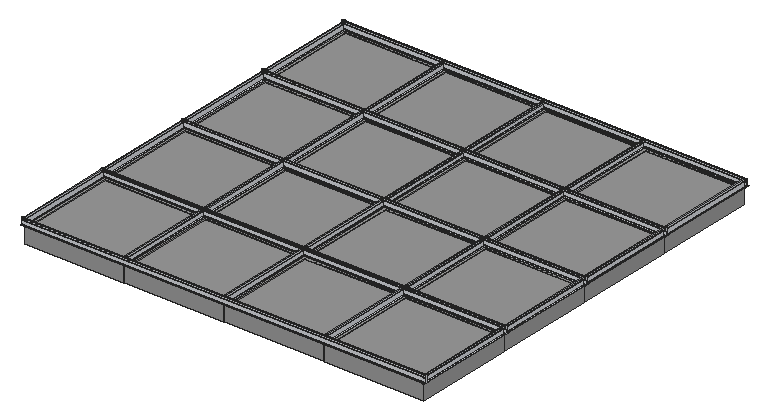
Revit family "GRD-FPG-012_RFA", category Modelos genéricos, Revit 2022
Family settings
  Puede alojar armadura = No
  Cota de conector redondo = Diámetro de uso
  Tipo de pieza = Normal
  Se basa en plano de trabajo = No
  Siempre vertical = Sí
  Corte con vacíos al cargar = No
  Mantener orientación de anotación = No
  Compartido = No
  Punto de cálculo de habitación = No
Parameters
  Elevación por defecto = 0.00"
Reference planes (in)
  plane 1 "Centro (Frontal/Posterior)": y = 0
  plane 2: z = 0
  plane 3 "Centro (Izquierda/Derecha)": x = 0
Forms (in)
  Extrusion 1, solid, not visible
    sketch origin (0, 0, 0) x (1, 0, 0) y (0, 1, 0)
      loop
        line (0, 2.25) -> (0, 0) -> (108, 0) -> (108, 2.25) -> (0, 2.25)
    from 0 to 8
  Extrusion 2, solid, not visible
    sketch origin (0, 0, 0) x (1, 0, 0) y (0, 1, 0)
      loop
        line (0, 2.25) -> (0, 0) -> (108, 0) -> (108, 2.25) -> (0, 2.25)
    from 0 to 8
  Extrusion 3, solid, not visible
    sketch origin (0, 8, 0) x (1, 0, 0) y (0, 1, 0)
      loop
        line (0, 2.25) -> (0, 0) -> (108, 0) -> (108, 2.25) -> (0, 2.25)
    from 0 to 8
  Extrusion 4, solid, not visible
    sketch origin (0, 16, 0) x (1, 0, 0) y (0, 1, 0)
      loop
        line (0, 2.25) -> (0, 0) -> (108, 0) -> (108, 2.25) -> (0, 2.25)
    from 0 to 8
  Extrusion 5, solid, not visible
    sketch origin (0, 24, 0) x (1, 0, 0) y (0, 1, 0)
      loop
        line (0, 2.25) -> (0, 0) -> (108, 0) -> (108, 2.25) -> (0, 2.25)
    from 0 to 8
  Extrusion 6, solid, not visible
    sketch origin (0, 32, 0) x (1, 0, 0) y (0, 1, 0)
      loop
        line (0, 2.25) -> (0, 0) -> (108, 0) -> (108, 2.25) -> (0, 2.25)
    from 0 to 8
  Extrusion 7, solid, not visible
    sketch origin (0, 40, 0) x (1, 0, 0) y (0, 1, 0)
      loop
        line (0, 2.25) -> (0, 0) -> (108, 0) -> (108, 2.25) -> (0, 2.25)
    from 0 to 8
  Extrusion 8, solid, not visible
    sketch origin (0, 48, 0) x (1, 0, 0) y (0, 1, 0)
      loop
        line (0, 2.25) -> (0, 0) -> (108, 0) -> (108, 2.25) -> (0, 2.25)
    from 0 to 8
  Extrusion 9, solid, not visible
    sketch origin (0, 56, 0) x (1, 0, 0) y (0, 1, 0)
      loop
        line (0, 2.25) -> (0, 0) -> (108, 0) -> (108, 2.25) -> (0, 2.25)
    from 0 to 8
  Extrusion 10, solid, not visible
    sketch origin (0, 64, 0) x (1, 0, 0) y (0, 1, 0)
      loop
        line (0, 2.25) -> (0, 0) -> (108, 0) -> (108, 2.25) -> (0, 2.25)
    from 0 to 8
  Extrusion 11, solid, not visible
    sketch origin (0, 72, 0) x (1, 0, 0) y (0, 1, 0)
      loop
        line (0, 2.25) -> (0, 0) -> (108, 0) -> (108, 2.25) -> (0, 2.25)
    from 0 to 8
  Extrusion 12, solid, not visible
    sketch origin (0, 80, 0) x (1, 0, 0) y (0, 1, 0)
      loop
        line (0, 2.25) -> (0, 0) -> (108, 0) -> (108, 2.25) -> (0, 2.25)
    from 0 to 8
  Extrusion 13, solid, not visible
    sketch origin (0, 88, 0) x (1, 0, 0) y (0, 1, 0)
      loop
        line (0, 2.25) -> (0, 0) -> (108, 0) -> (108, 2.25) -> (0, 2.25)
    from 0 to 8
  Extrusion 14, solid, not visible
    sketch origin (0, 96, 0) x (1, 0, 0) y (0, 1, 0)
      loop
        line (0, 2.25) -> (0, 0) -> (108, 0) -> (108, 2.25) -> (0, 2.25)
    from 0 to 8
  Extrusion 15, solid, not visible
    sketch origin (0, 104, 0) x (1, 0, 0) y (0, 1, 0)
      loop
        line (0, 2.25) -> (0, 0) -> (108, 0) -> (108, 2.25) -> (0, 2.25)
    from 0 to 8
  Extrusion 16, solid, not visible
    sketch origin (0, 112, 0) x (1, 0, 0) y (0, 1, 0)
      loop
        line (0, 2.25) -> (0, 0) -> (108, 0) -> (108, 2.25) -> (0, 2.25)
    from 0 to 8
  Extrusion 17, solid, not visible
    sketch origin (0, 120, 0) x (1, 0, 0) y (0, 1, 0)
      loop
        line (0, 2.25) -> (0, 0) -> (108, 0) -> (108, 2.25) -> (0, 2.25)
    from 0 to 8
  Extrusion 18, solid, not visible
    sketch origin (0, 128, 0) x (1, 0, 0) y (0, 1, 0)
      loop
        line (0, 2.25) -> (0, 0) -> (108, 0) -> (108, 2.25) -> (0, 2.25)
    from 0 to 8
  Extrusion 19, solid, not visible
    sketch origin (0, 136, 0) x (1, 0, 0) y (0, 1, 0)
      loop
        line (0, 2.25) -> (0, 0) -> (108, 0) -> (108, 2.25) -> (0, 2.25)
    from 0 to 8
  Extrusion 20, solid, not visible
    sketch origin (0, 144, 0) x (1, 0, 0) y (0, 1, 0)
      loop
        line (0, 2.25) -> (0, 0) -> (108, 0) -> (108, 2.25) -> (0, 2.25)
    from 0 to 8
  Extrusion 21, solid, not visible
    sketch origin (0, 152, 0) x (1, 0, 0) y (0, 1, 0)
      loop
        line (0, 2.25) -> (0, 0) -> (108, 0) -> (108, 2.25) -> (0, 2.25)
    from 0 to 8
  Extrusion 22, solid, not visible
    sketch origin (109, 0, 0) x (1, 0, 0) y (0, 1, 0)
      loop
        line (0, 2.25) -> (0, 0) -> (108, 0) -> (108, 2.25) -> (0, 2.25)
    from 0 to 8
  Extrusion 23, solid, not visible
    sketch origin (109, 8, 0) x (1, 0, 0) y (0, 1, 0)
      loop
        line (0, 2.25) -> (0, 0) -> (108, 0) -> (108, 2.25) -> (0, 2.25)
    from 0 to 8
  Extrusion 24, solid, not visible
    sketch origin (109, 16, 0) x (1, 0, 0) y (0, 1, 0)
      loop
        line (0, 2.25) -> (0, 0) -> (108, 0) -> (108, 2.25) -> (0, 2.25)
    from 0 to 8
  Extrusion 25, solid, not visible
    sketch origin (109, 24, 0) x (1, 0, 0) y (0, 1, 0)
      loop
        line (0, 2.25) -> (0, 0) -> (108, 0) -> (108, 2.25) -> (0, 2.25)
    from 0 to 8
  Extrusion 26, solid, not visible
    sketch origin (109, 32, 0) x (1, 0, 0) y (0, 1, 0)
      loop
        line (0, 2.25) -> (0, 0) -> (108, 0) -> (108, 2.25) -> (0, 2.25)
    from 0 to 8
  Extrusion 27, solid, not visible
    sketch origin (109, 40, 0) x (1, 0, 0) y (0, 1, 0)
      loop
        line (0, 2.25) -> (0, 0) -> (108, 0) -> (108, 2.25) -> (0, 2.25)
    from 0 to 8
  Extrusion 28, solid, not visible
    sketch origin (109, 48, 0) x (1, 0, 0) y (0, 1, 0)
      loop
        line (0, 2.25) -> (0, 0) -> (108, 0) -> (108, 2.25) -> (0, 2.25)
    from 0 to 8
  Extrusion 29, solid, not visible
    sketch origin (109, 56, 0) x (1, 0, 0) y (0, 1, 0)
      loop
        line (0, 2.25) -> (0, 0) -> (108, 0) -> (108, 2.25) -> (0, 2.25)
    from 0 to 8
  Extrusion 30, solid, not visible
    sketch origin (109, 64, 0) x (1, 0, 0) y (0, 1, 0)
      loop
        line (0, 2.25) -> (0, 0) -> (108, 0) -> (108, 2.25) -> (0, 2.25)
    from 0 to 8
  Extrusion 31, solid, not visible
    sketch origin (109, 72, 0) x (1, 0, 0) y (0, 1, 0)
      loop
        line (0, 2.25) -> (0, 0) -> (108, 0) -> (108, 2.25) -> (0, 2.25)
    from 0 to 8
  Extrusion 32, solid, not visible
    sketch origin (109, 80, 0) x (1, 0, 0) y (0, 1, 0)
      loop
        line (0, 2.25) -> (0, 0) -> (108, 0) -> (108, 2.25) -> (0, 2.25)
    from 0 to 8
  Extrusion 33, solid, not visible
    sketch origin (109, 88, 0) x (1, 0, 0) y (0, 1, 0)
      loop
        line (0, 2.25) -> (0, 0) -> (108, 0) -> (108, 2.25) -> (0, 2.25)
    from 0 to 8
  Extrusion 34, solid, not visible
    sketch origin (109, 96, 0) x (1, 0, 0) y (0, 1, 0)
      loop
        line (0, 2.25) -> (0, 0) -> (108, 0) -> (108, 2.25) -> (0, 2.25)
    from 0 to 8
  Extrusion 35, solid, not visible
    sketch origin (109, 104, 0) x (1, 0, 0) y (0, 1, 0)
      loop
        line (0, 2.25) -> (0, 0) -> (108, 0) -> (108, 2.25) -> (0, 2.25)
    from 0 to 8
  Extrusion 36, solid, not visible
    sketch origin (109, 112, 0) x (1, 0, 0) y (0, 1, 0)
      loop
        line (0, 2.25) -> (0, 0) -> (108, 0) -> (108, 2.25) -> (0, 2.25)
    from 0 to 8
  Extrusion 37, solid, not visible
    sketch origin (109, 120, 0) x (1, 0, 0) y (0, 1, 0)
      loop
        line (0, 2.25) -> (0, 0) -> (108, 0) -> (108, 2.25) -> (0, 2.25)
    from 0 to 8
  Extrusion 38, solid, not visible
    sketch origin (109, 128, 0) x (1, 0, 0) y (0, 1, 0)
      loop
        line (0, 2.25) -> (0, 0) -> (108, 0) -> (108, 2.25) -> (0, 2.25)
    from 0 to 8
  Extrusion 39, solid, not visible
    sketch origin (109, 136, 0) x (1, 0, 0) y (0, 1, 0)
      loop
        line (0, 2.25) -> (0, 0) -> (108, 0) -> (108, 2.25) -> (0, 2.25)
    from 0 to 8
  Extrusion 40, solid, not visible
    sketch origin (109, 144, 0) x (1, 0, 0) y (0, 1, 0)
      loop
        line (0, 2.25) -> (0, 0) -> (108, 0) -> (108, 2.25) -> (0, 2.25)
    from 0 to 8
  Extrusion 41, solid, not visible
    sketch origin (109, 152, 0) x (1, 0, 0) y (0, 1, 0)
      loop
        line (0, 2.25) -> (0, 0) -> (108, 0) -> (108, 2.25) -> (0, 2.25)
    from 0 to 8
  Extrusion 42, solid, not visible
    sketch origin (-108, 0, 0) x (1, 0, 0) y (0, 1, 0)
      loop
        line (0, 2.25) -> (0, 0) -> (108, 0) -> (108, 2.25) -> (0, 2.25)
    from 0 to 8
  Extrusion 43, solid, not visible
    sketch origin (-108, 8, 0) x (1, 0, 0) y (0, 1, 0)
      loop
        line (0, 2.25) -> (0, 0) -> (108, 0) -> (108, 2.25) -> (0, 2.25)
    from 0 to 8
  Extrusion 44, solid, not visible
    sketch origin (-108, 16, 0) x (1, 0, 0) y (0, 1, 0)
      loop
        line (0, 2.25) -> (0, 0) -> (108, 0) -> (108, 2.25) -> (0, 2.25)
    from 0 to 8
  Extrusion 45, solid, not visible
    sketch origin (-108, 24, 0) x (1, 0, 0) y (0, 1, 0)
      loop
        line (0, 2.25) -> (0, 0) -> (108, 0) -> (108, 2.25) -> (0, 2.25)
    from 0 to 8
  Extrusion 46, solid, not visible
    sketch origin (-108, 32, 0) x (1, 0, 0) y (0, 1, 0)
      loop
        line (0, 2.25) -> (0, 0) -> (108, 0) -> (108, 2.25) -> (0, 2.25)
    from 0 to 8
  Extrusion 47, solid, not visible
    sketch origin (-108, 40, 0) x (1, 0, 0) y (0, 1, 0)
      loop
        line (0, 2.25) -> (0, 0) -> (108, 0) -> (108, 2.25) -> (0, 2.25)
    from 0 to 8
  Extrusion 48, solid, not visible
    sketch origin (1, 0, 0) x (1, 0, 0) y (0, 1, 0)
      loop
        line (0, 2.25) -> (0, 0) -> (108, 0) -> (108, 2.25) -> (0, 2.25)
    from 0 to 8
  Extrusion 49, solid, not visible
    sketch origin (1, 8, 0) x (1, 0, 0) y (0, 1, 0)
      loop
        line (0, 2.25) -> (0, 0) -> (108, 0) -> (108, 2.25) -> (0, 2.25)
    from 0 to 8
  Extrusion 50, solid, not visible
    sketch origin (1, 16, 0) x (1, 0, 0) y (0, 1, 0)
      loop
        line (0, 2.25) -> (0, 0) -> (108, 0) -> (108, 2.25) -> (0, 2.25)
    from 0 to 8
  Extrusion 51, solid, not visible
    sketch origin (1, 24, 0) x (1, 0, 0) y (0, 1, 0)
      loop
        line (0, 2.25) -> (0, 0) -> (108, 0) -> (108, 2.25) -> (0, 2.25)
    from 0 to 8
  Extrusion 52, solid, not visible
    sketch origin (1, 32, 0) x (1, 0, 0) y (0, 1, 0)
      loop
        line (0, 2.25) -> (0, 0) -> (108, 0) -> (108, 2.25) -> (0, 2.25)
    from 0 to 8
  Extrusion 53, solid, not visible
    sketch origin (1, 40, 0) x (1, 0, 0) y (0, 1, 0)
      loop
        line (0, 2.25) -> (0, 0) -> (108, 0) -> (108, 2.25) -> (0, 2.25)
    from 0 to 8
  Extrusion 54, solid, not visible
    sketch origin (-108, 48, 0) x (1, 0, 0) y (0, 1, 0)
      loop
        line (0, 2.25) -> (0, 0) -> (108, 0) -> (108, 2.25) -> (0, 2.25)
    from 0 to 8
  Extrusion 55, solid, not visible
    sketch origin (-108, 56, 0) x (1, 0, 0) y (0, 1, 0)
      loop
        line (0, 2.25) -> (0, 0) -> (108, 0) -> (108, 2.25) -> (0, 2.25)
    from 0 to 8
  Extrusion 56, solid, not visible
    sketch origin (-108, 64, 0) x (1, 0, 0) y (0, 1, 0)
      loop
        line (0, 2.25) -> (0, 0) -> (108, 0) -> (108, 2.25) -> (0, 2.25)
    from 0 to 8
  Extrusion 57, solid, not visible
    sketch origin (-108, 72, 0) x (1, 0, 0) y (0, 1, 0)
      loop
        line (0, 2.25) -> (0, 0) -> (108, 0) -> (108, 2.25) -> (0, 2.25)
    from 0 to 8
  Extrusion 58, solid, not visible
    sketch origin (-108, 80, 0) x (1, 0, 0) y (0, 1, 0)
      loop
        line (0, 2.25) -> (0, 0) -> (108, 0) -> (108, 2.25) -> (0, 2.25)
    from 0 to 8
  Extrusion 59, solid, not visible
    sketch origin (1, 48, 0) x (1, 0, 0) y (0, 1, 0)
      loop
        line (0, 2.25) -> (0, 0) -> (108, 0) -> (108, 2.25) -> (0, 2.25)
    from 0 to 8
  Extrusion 60, solid, not visible
    sketch origin (1, 56, 0) x (1, 0, 0) y (0, 1, 0)
      loop
        line (0, 2.25) -> (0, 0) -> (108, 0) -> (108, 2.25) -> (0, 2.25)
    from 0 to 8
  Extrusion 61, solid, not visible
    sketch origin (1, 64, 0) x (1, 0, 0) y (0, 1, 0)
      loop
        line (0, 2.25) -> (0, 0) -> (108, 0) -> (108, 2.25) -> (0, 2.25)
    from 0 to 8
  Extrusion 62, solid, not visible
    sketch origin (1, 72, 0) x (1, 0, 0) y (0, 1, 0)
      loop
        line (0, 2.25) -> (0, 0) -> (108, 0) -> (108, 2.25) -> (0, 2.25)
    from 0 to 8
  Extrusion 63, solid, not visible
    sketch origin (1, 80, 0) x (1, 0, 0) y (0, 1, 0)
      loop
        line (0, 2.25) -> (0, 0) -> (108, 0) -> (108, 2.25) -> (0, 2.25)
    from 0 to 8
  Extrusion 64, solid, not visible
    sketch origin (-108, 88, 0) x (1, 0, 0) y (0, 1, 0)
      loop
        line (0, 2.25) -> (0, 0) -> (108, 0) -> (108, 2.25) -> (0, 2.25)
    from 0 to 8
  Extrusion 65, solid, not visible
    sketch origin (-108, 96, 0) x (1, 0, 0) y (0, 1, 0)
      loop
        line (0, 2.25) -> (0, 0) -> (108, 0) -> (108, 2.25) -> (0, 2.25)
    from 0 to 8
  Extrusion 66, solid, not visible
    sketch origin (-108, 104, 0) x (1, 0, 0) y (0, 1, 0)
      loop
        line (0, 2.25) -> (0, 0) -> (108, 0) -> (108, 2.25) -> (0, 2.25)
    from 0 to 8
  Extrusion 67, solid, not visible
    sketch origin (-108, 112, 0) x (1, 0, 0) y (0, 1, 0)
      loop
        line (0, 2.25) -> (0, 0) -> (108, 0) -> (108, 2.25) -> (0, 2.25)
    from 0 to 8
  Extrusion 68, solid, not visible
    sketch origin (-108, 120, 0) x (1, 0, 0) y (0, 1, 0)
      loop
        line (0, 2.25) -> (0, 0) -> (108, 0) -> (108, 2.25) -> (0, 2.25)
    from 0 to 8
  Extrusion 69, solid, not visible
    sketch origin (1, 88, 0) x (1, 0, 0) y (0, 1, 0)
      loop
        line (0, 2.25) -> (0, 0) -> (108, 0) -> (108, 2.25) -> (0, 2.25)
    from 0 to 8
  Extrusion 70, solid, not visible
    sketch origin (1, 96, 0) x (1, 0, 0) y (0, 1, 0)
      loop
        line (0, 2.25) -> (0, 0) -> (108, 0) -> (108, 2.25) -> (0, 2.25)
    from 0 to 8
  Extrusion 71, solid, not visible
    sketch origin (1, 104, 0) x (1, 0, 0) y (0, 1, 0)
      loop
        line (0, 2.25) -> (0, 0) -> (108, 0) -> (108, 2.25) -> (0, 2.25)
    from 0 to 8
  Extrusion 72, solid, not visible
    sketch origin (1, 112, 0) x (1, 0, 0) y (0, 1, 0)
      loop
        line (0, 2.25) -> (0, 0) -> (108, 0) -> (108, 2.25) -> (0, 2.25)
    from 0 to 8
  Extrusion 73, solid, not visible
    sketch origin (1, 120, 0) x (1, 0, 0) y (0, 1, 0)
      loop
        line (0, 2.25) -> (0, 0) -> (108, 0) -> (108, 2.25) -> (0, 2.25)
    from 0 to 8
  Extrusion 74, solid, not visible
    sketch origin (-108, 128, 0) x (1, 0, 0) y (0, 1, 0)
      loop
        line (0, 2.25) -> (0, 0) -> (108, 0) -> (108, 2.25) -> (0, 2.25)
    from 0 to 8
  Extrusion 75, solid, not visible
    sketch origin (-108, 136, 0) x (1, 0, 0) y (0, 1, 0)
      loop
        line (0, 2.25) -> (0, 0) -> (108, 0) -> (108, 2.25) -> (0, 2.25)
    from 0 to 8
  Extrusion 76, solid, not visible
    sketch origin (-108, 144, 0) x (1, 0, 0) y (0, 1, 0)
      loop
        line (0, 2.25) -> (0, 0) -> (108, 0) -> (108, 2.25) -> (0, 2.25)
    from 0 to 8
  Extrusion 77, solid, not visible
    sketch origin (-108, 152, 0) x (1, 0, 0) y (0, 1, 0)
      loop
        line (0, 2.25) -> (0, 0) -> (108, 0) -> (108, 2.25) -> (0, 2.25)
    from 0 to 8
  Extrusion 78, solid, not visible
    sketch origin (-108, 160, 0) x (1, 0, 0) y (0, 1, 0)
      loop
        line (0, 2.25) -> (0, 0) -> (108, 0) -> (108, 2.25) -> (0, 2.25)
    from 0 to 8
  Extrusion 79, solid, not visible
    sketch origin (1, 128, 0) x (1, 0, 0) y (0, 1, 0)
      loop
        line (0, 2.25) -> (0, 0) -> (108, 0) -> (108, 2.25) -> (0, 2.25)
    from 0 to 8
  Extrusion 80, solid, not visible
    sketch origin (1, 136, 0) x (1, 0, 0) y (0, 1, 0)
      loop
        line (0, 2.25) -> (0, 0) -> (108, 0) -> (108, 2.25) -> (0, 2.25)
    from 0 to 8
  Extrusion 81, solid, not visible
    sketch origin (1, 144, 0) x (1, 0, 0) y (0, 1, 0)
      loop
        line (0, 2.25) -> (0, 0) -> (108, 0) -> (108, 2.25) -> (0, 2.25)
    from 0 to 8
  Extrusion 82, solid, not visible
    sketch origin (1, 152, 0) x (1, 0, 0) y (0, 1, 0)
      loop
        line (0, 2.25) -> (0, 0) -> (108, 0) -> (108, 2.25) -> (0, 2.25)
    from 0 to 8
  Extrusion 83, solid, not visible
    sketch origin (1, 160, 0) x (1, 0, 0) y (0, 1, 0)
      loop
        line (0, 2.25) -> (0, 0) -> (108, 0) -> (108, 2.25) -> (0, 2.25)
    from 0 to 8
  Extrusion 84, solid, not visible
    sketch origin (0, 0, 0) x (1, 0, 0) y (0, 1, 0)
      loop
        line (0, 3) -> (0, 0) -> (108, 0) -> (108, 3) -> (0, 3)
    from 0 to 8
  Extrusion 85, void, not visible
    sketch origin (0, 0, 0) x (1, 0, 0) y (0, 1, 0)
      loop
        line (6, 2) -> (6, 1) -> (66, 1) -> (66, 2) -> (6, 2)
    from 0 to 1.03
  Extrusion 86, solid, not visible
    sketch origin (0, 0, 0) x (1, 0, 0) y (0, 1, 0)
      loop
        line (0, 3) -> (0, 0) -> (108, 0) -> (108, 3) -> (0, 3)
    from 0 to 8
  Extrusion 87, void, not visible
    sketch origin (0, 0, 0) x (1, 0, 0) y (0, 1, 0)
      loop
        line (6, 2) -> (6, 1) -> (66, 1) -> (66, 2) -> (6, 2)
    from 0 to 1.03
  Extrusion 88, solid, not visible
    sketch origin (0, 0, 0) x (1, 0, 0) y (0, 1, 0)
      loop
        line (6, 2) -> (6, 1) -> (66, 1) -> (66, 2) -> (6, 2)
    from 0 to 1.03
  Extrusion 89, solid, not visible
    sketch origin (0, 32, 0) x (1, 0, 0) y (0, 1, 0)
      loop
        line (0, 3) -> (0, 0) -> (108, 0) -> (108, 3) -> (0, 3)
    from 0 to 8
  Extrusion 90, void, not visible
    sketch origin (0, 32, 0) x (1, 0, 0) y (0, 1, 0)
      loop
        line (6, 2) -> (6, 1) -> (102, 1) -> (102, 2) -> (6, 2)
    from 0 to 1.03
  Extrusion 91, solid, not visible
    sketch origin (8.95842, -18.67436, 0) x (1, 0, 0) y (0, 1, 0)
      loop
        line (-8.48642, 97.64679) -> (-8.48642, 97.17436) -> (98.56914, 97.17436) -> (98.56914, 97.64679) -> (-8.48642, 97.64679)
    from 0.59055 to 8
  Extrusion 92, solid, not visible
    sketch origin (8.95842, -16.6468, 0) x (1, 0, 0) y (0, 1, 0)
      loop
        line (-8.48642, 97.64679) -> (-8.48642, 97.17436) -> (98.56914, 97.17436) -> (98.56914, 97.64679) -> (-8.48642, 97.64679)
    from 0.59055 to 8
  Extrusion 93, solid, not visible
    sketch origin (60.46912, 110.28574, 0) x (1, 0, 0) y (0, 1, 0)
      loop
        line (45.03088, -29.28574) -> (-57.96911, -29.28574) -> (-57.96911, -31.78574) -> (45.03088, -31.78574) -> (45.03088, -29.28574)
      loop
        line (23.78088, -31.03574) -> (41.78088, -31.03574) -> (41.78088, -30.03574) -> (23.78088, -30.03574) -> (23.78088, -31.03574)
      loop
        line (-54.71912, -31.03574) -> (-36.71912, -31.03574) -> (-36.71912, -30.03574) -> (-54.71912, -30.03574) -> (-54.71912, -31.03574)
    from 0 to 0.59055
  Extrusion 94, solid, not visible
    sketch origin (108, 51.5, 0) x (0, 1, 0) y (-1, 0, 0)
      loop
        line (27.75, 102.25) -> (27.75, 84.25) -> (28.75, 84.25) -> (28.75, 102.25) -> (27.75, 102.25)
    from 0 to 1
  Extrusion 95, solid, not visible
    sketch origin (186.5, 51.5, 0) x (0, 1, 0) y (-1, 0, 0)
      loop
        line (27.75, 102.25) -> (27.75, 84.25) -> (28.75, 84.25) -> (28.75, 102.25) -> (27.75, 102.25)
    from 0 to 1
  Extrusion 96, solid, not visible
    sketch origin (8.95842, -44.42438, 0) x (1, 0, 0) y (0, 1, 0)
      loop
        line (-8.48642, 97.64679) -> (-8.48642, 97.17436) -> (98.56914, 97.17436) -> (98.56914, 97.64679) -> (-8.48642, 97.64679)
    from 0.59055 to 8
  Extrusion 97, solid, not visible
    sketch origin (8.95842, -42.39682, 0) x (1, 0, 0) y (0, 1, 0)
      loop
        line (-8.48642, 97.64679) -> (-8.48642, 97.17436) -> (98.56914, 97.17436) -> (98.56914, 97.64679) -> (-8.48642, 97.64679)
    from 0.59055 to 8
  Extrusion 98, solid, not visible
    sketch origin (60.46912, 84.53571, 0) x (1, 0, 0) y (0, 1, 0)
      loop
        line (45.03088, -29.28574) -> (-57.96911, -29.28574) -> (-57.96911, -31.78574) -> (45.03088, -31.78574) -> (45.03088, -29.28574)
      loop
        line (-28.96912, -31.03574) -> (-10.96912, -31.03574) -> (-10.96912, -30.03574) -> (-28.96912, -30.03574) -> (-28.96912, -31.03574)
      loop
        line (-3.21912, -31.03571) -> (14.78088, -31.03571) -> (14.78088, -30.03571) -> (-3.21912, -30.03571) -> (-3.21912, -31.03571)
    from 0 to 0.59055
  Extrusion 99, solid, not visible
    sketch origin (133.74998, 25.74998, 0) x (0, 1, 0) y (-1, 0, 0)
      loop
        line (27.75, 102.25) -> (27.75, 84.25) -> (28.75, 84.25) -> (28.75, 102.25) -> (27.75, 102.25)
    from 0 to 1
  Extrusion 100, solid, not visible
    sketch origin (159.49998, 25.74998, 0) x (0, 1, 0) y (-1, 0, 0)
      loop
        line (27.75, 102.25) -> (27.75, 84.25) -> (28.75, 84.25) -> (28.75, 102.25) -> (27.75, 102.25)
    from 0 to 1
  Extrusion 101, solid, not visible
    sketch origin (8.95842, -70.17436, 0) x (1, 0, 0) y (0, 1, 0)
      loop
        line (-8.48642, 97.64679) -> (-8.48642, 97.17436) -> (98.56914, 97.17436) -> (98.56914, 97.64679) -> (-8.48642, 97.64679)
    from 0.59055 to 8
  Extrusion 102, solid, not visible
    sketch origin (8.95842, -68.1468, 0) x (1, 0, 0) y (0, 1, 0)
      loop
        line (-8.48642, 97.64679) -> (-8.48642, 97.17436) -> (98.56914, 97.17436) -> (98.56914, 97.64679) -> (-8.48642, 97.64679)
    from 0.59055 to 8
  Extrusion 103, solid, not visible
    sketch origin (60.46912, 58.78574, 0) x (1, 0, 0) y (0, 1, 0)
      loop
        line (45.03088, -29.28574) -> (-57.96911, -29.28574) -> (-57.96911, -31.78574) -> (45.03088, -31.78574) -> (45.03088, -29.28574)
      loop
        line (23.78088, -31.03574) -> (41.78088, -31.03574) -> (41.78088, -30.03574) -> (23.78088, -30.03574) -> (23.78088, -31.03574)
      loop
        line (-54.71912, -31.03574) -> (-36.71912, -31.03574) -> (-36.71912, -30.03574) -> (-54.71912, -30.03574) -> (-54.71912, -31.03574)
    from 0 to 0.59055
  Extrusion 104, solid, not visible
    sketch origin (108, 0, 0) x (0, 1, 0) y (-1, 0, 0)
      loop
        line (27.75, 102.25) -> (27.75, 84.25) -> (28.75, 84.25) -> (28.75, 102.25) -> (27.75, 102.25)
    from 0 to 1
  Extrusion 105, solid, not visible
    sketch origin (186.5, 0, 0) x (0, 1, 0) y (-1, 0, 0)
      loop
        line (27.75, 102.25) -> (27.75, 84.25) -> (28.75, 84.25) -> (28.75, 102.25) -> (27.75, 102.25)
    from 0 to 1
  Extrusion 106, solid, not visible
    sketch origin (-70.17436, 99.04114, 0) x (0, -1, 0) y (1, 0, 0)
      loop
        line (-8.48642, 97.64679) -> (-8.48642, 97.17436) -> (98.56914, 97.17436) -> (98.56914, 97.64679) -> (-8.48642, 97.64679)
    from 0.59055 to 8
  Extrusion 107, solid, not visible
    sketch origin (-68.1468, 99.04114, 0) x (0, -1, 0) y (1, 0, 0)
      loop
        line (-8.48642, 97.64679) -> (-8.48642, 97.17436) -> (98.56914, 97.17436) -> (98.56914, 97.64679) -> (-8.48642, 97.64679)
    from 0.59055 to 8
  Extrusion 108, solid, not visible
    sketch origin (-2.28571, 86.21912, 0) x (0, 1, 0) y (-1, 0, 0)
      loop
        line (19.28088, -29.28574) -> (-83.71912, -29.28574) -> (-83.71912, -31.78574) -> (19.28088, -31.78574) -> (19.28088, -29.28574)
      loop
        line (16.03088, -31.03571) -> (16.03088, -30.03571) -> (-1.96912, -30.03571) -> (-1.96912, -31.03571) -> (16.03088, -31.03571)
      loop
        line (-62.46912, -31.03571) -> (-62.46912, -30.03571) -> (-80.46912, -30.03571) -> (-80.46912, -31.03571) -> (-62.46912, -31.03571)
    from 0 to 0.59055
  Extrusion 109, solid, not visible
    sketch origin (0, 0, 0) x (1, 0, 0) y (0, 1, 0)
      loop
        line (27.75, 102.25) -> (27.75, 84.25) -> (28.75, 84.25) -> (28.75, 102.25) -> (27.75, 102.25)
    from 0 to 1
  Extrusion 110, solid, not visible
    sketch origin (0, -78.5, 0) x (1, 0, 0) y (0, 1, 0)
      loop
        line (27.75, 102.25) -> (27.75, 84.25) -> (28.75, 84.25) -> (28.75, 102.25) -> (27.75, 102.25)
    from 0 to 1
  Extrusion 111, solid, not visible
    sketch origin (-44.89438, 99.04114, 0) x (0, -1, 0) y (1, 0, 0)
      loop
        line (-8.48642, 97.64679) -> (-8.48642, 97.17436) -> (98.56914, 97.17436) -> (98.56914, 97.64679) -> (-8.48642, 97.64679)
    from 0.59055 to 8
  Extrusion 112, solid, not visible
    sketch origin (-42.39682, 99.04114, 0) x (0, -1, 0) y (1, 0, 0)
      loop
        line (-8.48642, 97.64679) -> (-8.48642, 97.17436) -> (98.56914, 97.17436) -> (98.56914, 97.64679) -> (-8.48642, 97.64679)
    from 0.59055 to 8
  Extrusion 113, solid, not visible
    sketch origin (23.46427, 86.21912, 0) x (0, 1, 0) y (-1, 0, 0)
      loop
        line (19.28088, -28.81571) -> (-83.71912, -28.81571) -> (-83.71912, -31.78574) -> (19.28088, -31.78574) -> (19.28088, -28.81571)
      loop
        line (-28.96912, -29.78573) -> (-28.96912, -30.78571) -> (-10.96912, -30.78571) -> (-10.96912, -29.78573) -> (-28.96912, -29.78573)
      loop
        line (-54.71914, -29.78573) -> (-54.71914, -30.78573) -> (-36.71914, -30.78573) -> (-36.71914, -29.78573) -> (-54.71914, -29.78573)
    from 0 to 0.59055
  Extrusion 114, solid, not visible
    sketch origin (25.74998, -27, 0) x (1, 0, 0) y (0, 1, 0)
      loop
        line (27.50002, 102.25) -> (27.50002, 84.25) -> (28.5, 84.25) -> (28.5, 102.25) -> (27.50002, 102.25)
    from 0 to 1
  Extrusion 115, solid, not visible
    sketch origin (25.74998, -52.75002, 0) x (1, 0, 0) y (0, 1, 0)
      loop
        line (27.50002, 102.25) -> (27.50002, 84.25) -> (28.50002, 84.25) -> (28.50002, 102.25) -> (27.50002, 102.25)
    from 0 to 1
  Extrusion 116, solid, not visible
    sketch origin (-18.67436, 99.04114, 0) x (0, -1, 0) y (1, 0, 0)
      loop
        line (-8.48642, 97.64679) -> (-8.48642, 97.17436) -> (98.56914, 97.17436) -> (98.56914, 97.64679) -> (-8.48642, 97.64679)
    from 0.59055 to 8
  Extrusion 117, solid, not visible
    sketch origin (-16.6468, 99.04114, 0) x (0, -1, 0) y (1, 0, 0)
      loop
        line (-8.48642, 97.64679) -> (-8.48642, 97.17436) -> (98.56914, 97.17436) -> (98.56914, 97.64679) -> (-8.48642, 97.64679)
    from 0.59055 to 8
  Extrusion 118, solid, not visible
    sketch origin (49.21426, 86.21912, 0) x (0, 1, 0) y (-1, 0, 0)
      loop
        line (19.28088, -29.28574) -> (-83.71912, -29.28574) -> (-83.71912, -31.78574) -> (19.28088, -31.78574) -> (19.28088, -29.28574)
      loop
        line (16.03088, -31.03571) -> (16.03088, -30.03571) -> (-1.96912, -30.03571) -> (-1.96912, -31.03571) -> (16.03088, -31.03571)
      loop
        line (-62.46912, -31.03571) -> (-62.46912, -30.03571) -> (-80.46912, -30.03571) -> (-80.46912, -31.03571) -> (-62.46912, -31.03571)
    from 0 to 0.59055
  Extrusion 119, solid, not visible
    sketch origin (51.49997, 0, 0) x (1, 0, 0) y (0, 1, 0)
      loop
        line (27.75, 102.25) -> (27.75, 84.25) -> (28.75, 84.25) -> (28.75, 102.25) -> (27.75, 102.25)
    from 0 to 1
  Extrusion 120, solid, not visible
    sketch origin (51.49997, -78.5, 0) x (1, 0, 0) y (0, 1, 0)
      loop
        line (27.75, 102.25) -> (27.75, 84.25) -> (28.75, 84.25) -> (28.75, 102.25) -> (27.75, 102.25)
    from 0 to 1
  Extrusion 121, solid, not visible
    sketch origin (10.23509, 91.82771, 0) x (0, -1, 0) y (1, 0, 0)
      loop
        line (-16.17229, 97.76491) -> (-15.69986, 97.29248) -> (91.35527, 97.29248) -> (91.82771, 97.76491) -> (-16.17229, 97.76491)
    from 0.59055 to 8
  Extrusion 122, solid, not visible
    sketch origin (137.28574, 61.88413, 0) x (0, 1, 0) y (-1, 0, 0)
      loop
        line (46.11587, 29.28574) -> (43.61587, 31.78574) -> (-59.38412, 31.78574) -> (-61.88412, 29.28574) -> (46.11587, 29.28574)
    from 0 to 0.59055
  Extrusion 123, solid, not visible
    sketch origin (8.20754, 91.82771, 0) x (0, -1, 0) y (1, 0, 0)
      loop
        line (-14.14474, 97.76491) -> (-13.67231, 97.29248) -> (89.32772, 97.29248) -> (89.80016, 97.76491) -> (-14.14474, 97.76491)
    from 0.59055 to 8.22418
  Extrusion 124, solid, not visible
    sketch origin (18.95842, 10.23509, 0) x (1, 0, 0) y (0, 1, 0)
      loop
        line (-18.95842, 97.76491) -> (-18.48598, 97.29247) -> (88.56914, 97.29247) -> (89.04158, 97.76491) -> (-18.95842, 97.76491)
    from 0.59055 to 8
  Extrusion 125, solid, not visible
    sketch origin (61.88413, 137.28574, 0) x (1, 0, 0) y (0, 1, 0)
      loop
        line (46.11587, -29.28574) -> (-61.88412, -29.28574) -> (-59.38412, -31.78574) -> (43.61587, -31.78574) -> (46.11587, -29.28574)
    from 0 to 0.59055
  Extrusion 126, solid, not visible
    sketch origin (18.95842, 8.20753, 0) x (1, 0, 0) y (0, 1, 0)
      loop
        line (-16.93086, 97.76491) -> (-16.45842, 97.29247) -> (86.54158, 97.29247) -> (87.01402, 97.76491) -> (-16.93086, 97.76491)
    from 0.59055 to 8
  Extrusion 127, solid, not visible
    sketch origin (-101.24865, 87.31603, 0) x (0, -1, 0) y (1, 0, 0)
      loop
        line (-20.21152, 101.72109) -> (-20.68397, 101.24865) -> (87.31604, 101.24865) -> (86.84359, 101.72109) -> (-20.21152, 101.72109)
    from 0.47244 to 8
  Extrusion 128, solid, not visible
    sketch origin (-29.28573, 61.88413, 0) x (0, 1, 0) y (-1, 0, 0)
      loop
        line (46.11587, -29.28574) -> (-61.88412, -29.28574) -> (-59.38412, -31.78574) -> (43.61587, -31.78574) -> (46.11587, -29.28574)
    from 0 to 0.59055
  Extrusion 129, solid, not visible
    sketch origin (-99.22109, 87.31603, 0) x (0, -1, 0) y (1, 0, 0)
      loop
        line (-18.18396, 101.72109) -> (-18.65641, 101.24865) -> (85.28848, 101.24865) -> (84.81603, 101.72109) -> (-18.18396, 101.72109)
    from 0.47244 to 8
  Extrusion 130, solid, not visible
    sketch origin (61.88413, -29.28574, 0) x (1, 0, 0) y (0, 1, 0)
      loop
        line (46.11587, 29.28574) -> (43.61587, 31.78574) -> (-59.38412, 31.78574) -> (-61.88412, 29.28574) -> (46.11587, 29.28574)
    from 0 to 0.47244
  Extrusion 131, solid, not visible
    sketch origin (8.95842, -97.17435, 0) x (1, 0, 0) y (0, 1, 0)
      loop
        line (-8.48598, 97.64679) -> (-8.95842, 97.17436) -> (99.04157, 97.17436) -> (98.56914, 97.64679) -> (-8.48598, 97.64679)
    from 0.59055 to 8
  Extrusion 132, solid, not visible
    sketch origin (8.95842, -95.14679, 0) x (1, 0, 0) y (0, 1, 0)
      loop
        line (-6.45842, 97.64679) -> (-6.93085, 97.17436) -> (97.01401, 97.17436) -> (96.54158, 97.64679) -> (-6.45842, 97.64679)
    from 0.59055 to 8
  Extrusion 133, solid, not visible
    sketch origin (61.88413, -29.28574, 0) x (1, 0, 0) y (0, 1, 0)
      loop
        line (46.11587, 29.28574) -> (43.61587, 31.78574) -> (-59.38412, 31.78574) -> (-61.88412, 29.28574) -> (46.11587, 29.28574)
    from 0 to 0.47244
  Extrusion 134, solid, not visible
    sketch origin (18.95842, 10.23509, 0) x (1, 0, 0) y (0, 1, 0)
      loop
        line (-18.95842, 97.76491) -> (-18.48598, 97.29247) -> (88.56914, 97.29247) -> (89.04158, 97.76491) -> (-18.95842, 97.76491)
    from 0.59055 to 8
  Extrusion 135, solid, not visible
    sketch origin (8.95842, -97.17435, 0) x (1, 0, 0) y (0, 1, 0)
      loop
        line (-8.48598, 97.64679) -> (-8.95842, 97.17436) -> (99.04157, 97.17436) -> (98.56914, 97.64679) -> (-8.48598, 97.64679)
    from 0.59055 to 8
  Extrusion 136, solid, not visible
    sketch origin (10.23509, 91.82771, 0) x (0, -1, 0) y (1, 0, 0)
      loop
        line (-16.17229, 97.76491) -> (-15.69986, 97.29248) -> (91.35527, 97.29248) -> (91.82771, 97.76491) -> (-16.17229, 97.76491)
    from 0.59055 to 8
  Extrusion 137, solid, not visible
    sketch origin (-101.24865, 87.31603, 0) x (0, -1, 0) y (1, 0, 0)
      loop
        line (-20.21152, 101.72109) -> (-20.68397, 101.24865) -> (87.31604, 101.24865) -> (86.84359, 101.72109) -> (-20.21152, 101.72109)
    from 0.47244 to 8
  Extrusion 138, solid, not visible
    sketch origin (61.88413, 137.28574, 0) x (1, 0, 0) y (0, 1, 0)
      loop
        line (46.11587, -29.28574) -> (-61.88412, -29.28574) -> (-59.38412, -31.78574) -> (43.61587, -31.78574) -> (46.11587, -29.28574)
    from 0 to 0.59055
  Extrusion 139, solid, not visible
    sketch origin (-29.28573, 61.88413, 0) x (0, 1, 0) y (-1, 0, 0)
      loop
        line (46.11587, -29.28574) -> (-61.88412, -29.28574) -> (-59.38412, -31.78574) -> (43.61587, -31.78574) -> (46.11587, -29.28574)
    from 0 to 0.59055
  Extrusion 140, solid, not visible
    sketch origin (137.28574, 61.88413, 0) x (0, 1, 0) y (-1, 0, 0)
      loop
        line (46.11587, 29.28574) -> (43.61587, 31.78574) -> (-59.38412, 31.78574) -> (-61.88412, 29.28574) -> (46.11587, 29.28574)
    from 0 to 0.59055
  Extrusion 141, solid, not visible
    sketch origin (8.95842, -95.14679, 0) x (1, 0, 0) y (0, 1, 0)
      loop
        line (-6.45842, 97.64679) -> (-6.93085, 97.17436) -> (97.01401, 97.17436) -> (96.54158, 97.64679) -> (-6.45842, 97.64679)
    from 0.59055 to 8
  Extrusion 142, solid, not visible
    sketch origin (-99.22109, 87.31603, 0) x (0, -1, 0) y (1, 0, 0)
      loop
        line (-18.18396, 101.72109) -> (-18.65641, 101.24865) -> (85.28848, 101.24865) -> (84.81603, 101.72109) -> (-18.18396, 101.72109)
    from 0.47244 to 8
  Extrusion 143, solid, not visible
    sketch origin (18.95842, 8.20753, 0) x (1, 0, 0) y (0, 1, 0)
      loop
        line (-16.93086, 97.76491) -> (-16.45842, 97.29247) -> (86.54158, 97.29247) -> (87.01402, 97.76491) -> (-16.93086, 97.76491)
    from 0.59055 to 8
  Extrusion 144, solid, not visible
    sketch origin (8.20754, 91.82771, 0) x (0, -1, 0) y (1, 0, 0)
      loop
        line (-14.14474, 97.76491) -> (-13.67231, 97.29248) -> (89.32772, 97.29248) -> (89.80016, 97.76491) -> (-14.14474, 97.76491)
    from 0.59055 to 8.22418
  Extrusion 145, solid, not visible
    sketch origin (8.95842, -70.17436, 0) x (1, 0, 0) y (0, 1, 0)
      loop
        line (-8.48642, 97.64679) -> (-8.48642, 97.17436) -> (98.56914, 97.17436) -> (98.56914, 97.64679) -> (-8.48642, 97.64679)
    from 0.59055 to 8
  Extrusion 146, solid, not visible
    sketch origin (8.95842, -68.1468, 0) x (1, 0, 0) y (0, 1, 0)
      loop
        line (-8.48642, 97.64679) -> (-8.48642, 97.17436) -> (98.56914, 97.17436) -> (98.56914, 97.64679) -> (-8.48642, 97.64679)
    from 0.59055 to 8
  Extrusion 147, solid, not visible
    sketch origin (8.95842, -44.42438, 0) x (1, 0, 0) y (0, 1, 0)
      loop
        line (-8.48642, 97.64679) -> (-8.48642, 97.17436) -> (98.56914, 97.17436) -> (98.56914, 97.64679) -> (-8.48642, 97.64679)
    from 0.59055 to 8
  Extrusion 148, solid, not visible
    sketch origin (8.95842, -42.39682, 0) x (1, 0, 0) y (0, 1, 0)
      loop
        line (-8.48642, 97.64679) -> (-8.48642, 97.17436) -> (98.56914, 97.17436) -> (98.56914, 97.64679) -> (-8.48642, 97.64679)
    from 0.59055 to 8
  Extrusion 149, solid, not visible
    sketch origin (8.95842, -18.67436, 0) x (1, 0, 0) y (0, 1, 0)
      loop
        line (-8.48642, 97.64679) -> (-8.48642, 97.17436) -> (98.56914, 97.17436) -> (98.56914, 97.64679) -> (-8.48642, 97.64679)
    from 0.59055 to 8
  Extrusion 150, solid, not visible
    sketch origin (8.95842, -16.6468, 0) x (1, 0, 0) y (0, 1, 0)
      loop
        line (-8.48642, 97.64679) -> (-8.48642, 97.17436) -> (98.56914, 97.17436) -> (98.56914, 97.64679) -> (-8.48642, 97.64679)
    from 0.59055 to 8
  Extrusion 151, solid, not visible
    sketch origin (-70.17436, 99.04114, 0) x (0, -1, 0) y (1, 0, 0)
      loop
        line (-8.48642, 97.64679) -> (-8.48642, 97.17436) -> (98.56914, 97.17436) -> (98.56914, 97.64679) -> (-8.48642, 97.64679)
    from 0.59055 to 8
  Extrusion 152, solid, not visible
    sketch origin (-68.1468, 99.04114, 0) x (0, -1, 0) y (1, 0, 0)
      loop
        line (-8.48642, 97.64679) -> (-8.48642, 97.17436) -> (98.56914, 97.17436) -> (98.56914, 97.64679) -> (-8.48642, 97.64679)
    from 0.59055 to 8
  Extrusion 153, solid, not visible
    sketch origin (-44.89438, 99.04114, 0) x (0, -1, 0) y (1, 0, 0)
      loop
        line (-8.48642, 97.64679) -> (-8.48642, 97.17436) -> (98.56914, 97.17436) -> (98.56914, 97.64679) -> (-8.48642, 97.64679)
    from 0.59055 to 8
  Extrusion 154, solid, not visible
    sketch origin (-42.39682, 99.04114, 0) x (0, -1, 0) y (1, 0, 0)
      loop
        line (-8.48642, 97.64679) -> (-8.48642, 97.17436) -> (98.56914, 97.17436) -> (98.56914, 97.64679) -> (-8.48642, 97.64679)
    from 0.59055 to 8
  Extrusion 155, solid, not visible
    sketch origin (-18.67436, 99.04114, 0) x (0, -1, 0) y (1, 0, 0)
      loop
        line (-8.48642, 97.64679) -> (-8.48642, 97.17436) -> (98.56914, 97.17436) -> (98.56914, 97.64679) -> (-8.48642, 97.64679)
    from 0.59055 to 8
  Extrusion 156, solid, not visible
    sketch origin (-16.6468, 99.04114, 0) x (0, -1, 0) y (1, 0, 0)
      loop
        line (-8.48642, 97.64679) -> (-8.48642, 97.17436) -> (98.56914, 97.17436) -> (98.56914, 97.64679) -> (-8.48642, 97.64679)
    from 0.59055 to 8
  Extrusion 157, solid, not visible
    sketch origin (60.46912, 110.28574, 0) x (1, 0, 0) y (0, 1, 0)
      loop
        line (45.03088, -29.28574) -> (-57.96911, -29.28574) -> (-57.96911, -31.78574) -> (45.03088, -31.78574) -> (45.03088, -29.28574)
      loop
        line (23.78088, -31.03574) -> (41.78088, -31.03574) -> (41.78088, -30.03574) -> (23.78088, -30.03574) -> (23.78088, -31.03574)
      loop
        line (-54.71912, -31.03574) -> (-36.71912, -31.03574) -> (-36.71912, -30.03574) -> (-54.71912, -30.03574) -> (-54.71912, -31.03574)
    from 0 to 0.59055
  Extrusion 158, solid, not visible
    sketch origin (60.46912, 84.53571, 0) x (1, 0, 0) y (0, 1, 0)
      loop
        line (45.03088, -29.28574) -> (-57.96911, -29.28574) -> (-57.96911, -31.78574) -> (45.03088, -31.78574) -> (45.03088, -29.28574)
      loop
        line (-28.96912, -31.03574) -> (-10.96912, -31.03574) -> (-10.96912, -30.03574) -> (-28.96912, -30.03574) -> (-28.96912, -31.03574)
      loop
        line (-3.21912, -31.03571) -> (14.78088, -31.03571) -> (14.78088, -30.03571) -> (-3.21912, -30.03571) -> (-3.21912, -31.03571)
    from 0 to 0.59055
  Extrusion 159, solid, not visible
    sketch origin (60.46912, 58.78574, 0) x (1, 0, 0) y (0, 1, 0)
      loop
        line (45.03088, -29.28574) -> (-57.96911, -29.28574) -> (-57.96911, -31.78574) -> (45.03088, -31.78574) -> (45.03088, -29.28574)
      loop
        line (23.78088, -31.03574) -> (41.78088, -31.03574) -> (41.78088, -30.03574) -> (23.78088, -30.03574) -> (23.78088, -31.03574)
      loop
        line (-54.71912, -31.03574) -> (-36.71912, -31.03574) -> (-36.71912, -30.03574) -> (-54.71912, -30.03574) -> (-54.71912, -31.03574)
    from 0 to 0.59055
  Extrusion 160, solid, not visible
    sketch origin (23.46427, 86.21912, 0) x (0, 1, 0) y (-1, 0, 0)
      loop
        line (19.28088, -28.81571) -> (-83.71912, -28.81571) -> (-83.71912, -31.78574) -> (19.28088, -31.78574) -> (19.28088, -28.81571)
      loop
        line (-28.96912, -29.78573) -> (-28.96912, -30.78571) -> (-10.96912, -30.78571) -> (-10.96912, -29.78573) -> (-28.96912, -29.78573)
      loop
        line (-54.71914, -29.78573) -> (-54.71914, -30.78573) -> (-36.71914, -30.78573) -> (-36.71914, -29.78573) -> (-54.71914, -29.78573)
    from 0 to 0.59055
  Extrusion 161, solid, not visible
    sketch origin (-2.28571, 86.21912, 0) x (0, 1, 0) y (-1, 0, 0)
      loop
        line (19.28088, -29.28574) -> (-83.71912, -29.28574) -> (-83.71912, -31.78574) -> (19.28088, -31.78574) -> (19.28088, -29.28574)
      loop
        line (16.03088, -31.03571) -> (16.03088, -30.03571) -> (-1.96912, -30.03571) -> (-1.96912, -31.03571) -> (16.03088, -31.03571)
      loop
        line (-62.46912, -31.03571) -> (-62.46912, -30.03571) -> (-80.46912, -30.03571) -> (-80.46912, -31.03571) -> (-62.46912, -31.03571)
    from 0 to 0.59055
  Extrusion 162, solid, not visible
    sketch origin (49.21426, 86.21912, 0) x (0, 1, 0) y (-1, 0, 0)
      loop
        line (19.28088, -29.28574) -> (-83.71912, -29.28574) -> (-83.71912, -31.78574) -> (19.28088, -31.78574) -> (19.28088, -29.28574)
      loop
        line (16.03088, -31.03571) -> (16.03088, -30.03571) -> (-1.96912, -30.03571) -> (-1.96912, -31.03571) -> (16.03088, -31.03571)
      loop
        line (-62.46912, -31.03571) -> (-62.46912, -30.03571) -> (-80.46912, -30.03571) -> (-80.46912, -31.03571) -> (-62.46912, -31.03571)
    from 0 to 0.59055
  Extrusion 163, solid, not visible
    sketch origin (0, 0, 0) x (1, 0, 0) y (0, 1, 0)
      loop
        line (27.75, 102.25) -> (27.75, 84.25) -> (28.75, 84.25) -> (28.75, 102.25) -> (27.75, 102.25)
    from 0 to 1
  Extrusion 164, solid, not visible
    sketch origin (0, -78.5, 0) x (1, 0, 0) y (0, 1, 0)
      loop
        line (27.75, 102.25) -> (27.75, 84.25) -> (28.75, 84.25) -> (28.75, 102.25) -> (27.75, 102.25)
    from 0 to 1
  Extrusion 165, solid, not visible
    sketch origin (51.49997, 0, 0) x (1, 0, 0) y (0, 1, 0)
      loop
        line (27.75, 102.25) -> (27.75, 84.25) -> (28.75, 84.25) -> (28.75, 102.25) -> (27.75, 102.25)
    from 0 to 1
  Extrusion 166, solid, not visible
    sketch origin (51.49997, -78.5, 0) x (1, 0, 0) y (0, 1, 0)
      loop
        line (27.75, 102.25) -> (27.75, 84.25) -> (28.75, 84.25) -> (28.75, 102.25) -> (27.75, 102.25)
    from 0 to 1
  Extrusion 167, solid, not visible
    sketch origin (25.74998, -27, 0) x (1, 0, 0) y (0, 1, 0)
      loop
        line (27.50002, 102.25) -> (27.50002, 84.25) -> (28.5, 84.25) -> (28.5, 102.25) -> (27.50002, 102.25)
    from 0 to 1
  Extrusion 168, solid, not visible
    sketch origin (25.74998, -52.75002, 0) x (1, 0, 0) y (0, 1, 0)
      loop
        line (27.50002, 102.25) -> (27.50002, 84.25) -> (28.50002, 84.25) -> (28.50002, 102.25) -> (27.50002, 102.25)
    from 0 to 1
  Extrusion 169, solid, not visible
    sketch origin (108, 0, 0) x (0, 1, 0) y (-1, 0, 0)
      loop
        line (27.75, 102.25) -> (27.75, 84.25) -> (28.75, 84.25) -> (28.75, 102.25) -> (27.75, 102.25)
    from 0 to 1
  Extrusion 170, solid, not visible
    sketch origin (186.5, 0, 0) x (0, 1, 0) y (-1, 0, 0)
      loop
        line (27.75, 102.25) -> (27.75, 84.25) -> (28.75, 84.25) -> (28.75, 102.25) -> (27.75, 102.25)
    from 0 to 1
  Extrusion 171, solid, not visible
    sketch origin (108, 51.5, 0) x (0, 1, 0) y (-1, 0, 0)
      loop
        line (27.75, 102.25) -> (27.75, 84.25) -> (28.75, 84.25) -> (28.75, 102.25) -> (27.75, 102.25)
    from 0 to 1
  Extrusion 172, solid, not visible
    sketch origin (186.5, 51.5, 0) x (0, 1, 0) y (-1, 0, 0)
      loop
        line (27.75, 102.25) -> (27.75, 84.25) -> (28.75, 84.25) -> (28.75, 102.25) -> (27.75, 102.25)
    from 0 to 1
  Extrusion 173, solid, not visible
    sketch origin (133.74998, 25.74998, 0) x (0, 1, 0) y (-1, 0, 0)
      loop
        line (27.75, 102.25) -> (27.75, 84.25) -> (28.75, 84.25) -> (28.75, 102.25) -> (27.75, 102.25)
    from 0 to 1
  Extrusion 174, solid, not visible
    sketch origin (159.49998, 25.74998, 0) x (0, 1, 0) y (-1, 0, 0)
      loop
        line (27.75, 102.25) -> (27.75, 84.25) -> (28.75, 84.25) -> (28.75, 102.25) -> (27.75, 102.25)
    from 0 to 1
  Extrusion 175, solid
    sketch origin (0, 0, 0) x (1, 0, 0) y (0, 1, 0)
      loop
        line (23.40345, 1.53863) -> (23.40345, 23.3867) -> (1.54322, 23.3867) -> (1.54322, 1.53863) -> (23.40345, 1.53863)
    from 0.11811 to 0.59055
  Extrusion 176, solid
    sketch origin (0, 0, 0) x (0, 1, 0) y (0, 0, 1)
      loop
        line (0.42221, 1.66259) -> (0.42231, 0.67354)
        arc (0.42231, 0.67354) -> (0.41009, 0.64403) -> (0.38057, 0.6318) r 0.04174
        line (0.38057, 0.6318) -> (-0.00639, 0.6318) -> (-0.00639, 0.59057) -> (0.8874, 0.59057) -> (0.8874, 0.6318) -> (0.49998, 0.6318)
        arc (0.49998, 0.6318) -> (0.47046, 0.64403) -> (0.45824, 0.67354) r 0.04174
        line (0.45824, 0.67354) -> (0.45834, 1.66259)
        arc (0.45834, 1.66259) -> (0.46543, 1.67969) -> (0.48252, 1.68677) r 0.02418
        line (0.48252, 1.68677) -> (0.52252, 1.68677)
        arc (0.52252, 1.68677) -> (0.55303, 1.69941) -> (0.56566, 1.72991) r 0.04314
        line (0.56566, 1.72991) -> (0.56566, 2.14095)
        arc (0.56566, 2.14095) -> (0.5626, 2.15637) -> (0.55386, 2.16944) r 0.04029
        line (0.55386, 2.16944) -> (0.47053, 2.25277)
        arc (0.47053, 2.25277) -> (0.44027, 2.2653) -> (0.41002, 2.25277) r 0.04279
        line (0.41002, 2.25277) -> (0.32669, 2.16944)
        arc (0.32669, 2.16944) -> (0.31795, 2.15637) -> (0.31489, 2.14095) r 0.04029
        line (0.31489, 2.14095) -> (0.31489, 1.72991)
        arc (0.31489, 1.72991) -> (0.32752, 1.69941) -> (0.35803, 1.68677) r 0.04314
        line (0.35803, 1.68677) -> (0.39803, 1.68677)
        arc (0.39803, 1.68677) -> (0.41512, 1.67969) -> (0.42221, 1.66259) r 0.02418
      loop
        arc (0.33294, 1.7291) -> (0.34005, 1.71194) -> (0.35722, 1.70483) r 0.02428
        line (0.35722, 1.70483) -> (0.39815, 1.70483)
        arc (0.39815, 1.70483) -> (0.42797, 1.69248) -> (0.44023, 1.66266) r 0.04217
        arc (0.44023, 1.66266) -> (0.45258, 1.69248) -> (0.4824, 1.70483) r 0.04217
        line (0.4824, 1.70483) -> (0.52333, 1.70483)
        arc (0.52333, 1.70483) -> (0.54049, 1.71194) -> (0.54761, 1.7291) r 0.02428
        line (0.54761, 1.7291) -> (0.54761, 2.15016) -> (0.45704, 2.24072)
        arc (0.45704, 2.24072) -> (0.44027, 2.24767) -> (0.42351, 2.24072) r 0.02371
        line (0.42351, 2.24072) -> (0.33294, 2.15016) -> (0.33294, 1.7291)
    from 0 to 96.9361
  Extrusion 177, solid
    sketch origin (0, 24, 0) x (0, 1, 0) y (0, 0, 1)
      loop
        line (0.42221, 1.66259) -> (0.42231, 0.67354)
        arc (0.42231, 0.67354) -> (0.41009, 0.64403) -> (0.38057, 0.6318) r 0.04174
        line (0.38057, 0.6318) -> (-0.00639, 0.6318) -> (-0.00639, 0.59057) -> (0.8874, 0.59057) -> (0.8874, 0.6318) -> (0.49998, 0.6318)
        arc (0.49998, 0.6318) -> (0.47046, 0.64403) -> (0.45824, 0.67354) r 0.04174
        line (0.45824, 0.67354) -> (0.45834, 1.66259)
        arc (0.45834, 1.66259) -> (0.46543, 1.67969) -> (0.48252, 1.68677) r 0.02418
        line (0.48252, 1.68677) -> (0.52252, 1.68677)
        arc (0.52252, 1.68677) -> (0.55303, 1.69941) -> (0.56566, 1.72991) r 0.04314
        line (0.56566, 1.72991) -> (0.56566, 2.14095)
        arc (0.56566, 2.14095) -> (0.5626, 2.15637) -> (0.55386, 2.16944) r 0.04029
        line (0.55386, 2.16944) -> (0.47053, 2.25277)
        arc (0.47053, 2.25277) -> (0.44027, 2.2653) -> (0.41002, 2.25277) r 0.04279
        line (0.41002, 2.25277) -> (0.32669, 2.16944)
        arc (0.32669, 2.16944) -> (0.31795, 2.15637) -> (0.31489, 2.14095) r 0.04029
        line (0.31489, 2.14095) -> (0.31489, 1.72991)
        arc (0.31489, 1.72991) -> (0.32752, 1.69941) -> (0.35803, 1.68677) r 0.04314
        line (0.35803, 1.68677) -> (0.39803, 1.68677)
        arc (0.39803, 1.68677) -> (0.41512, 1.67969) -> (0.42221, 1.66259) r 0.02418
      loop
        arc (0.33294, 1.7291) -> (0.34005, 1.71194) -> (0.35722, 1.70483) r 0.02428
        line (0.35722, 1.70483) -> (0.39815, 1.70483)
        arc (0.39815, 1.70483) -> (0.42797, 1.69248) -> (0.44023, 1.66266) r 0.04217
        arc (0.44023, 1.66266) -> (0.45258, 1.69248) -> (0.4824, 1.70483) r 0.04217
        line (0.4824, 1.70483) -> (0.52333, 1.70483)
        arc (0.52333, 1.70483) -> (0.54049, 1.71194) -> (0.54761, 1.7291) r 0.02428
        line (0.54761, 1.7291) -> (0.54761, 2.15016) -> (0.45704, 2.24072)
        arc (0.45704, 2.24072) -> (0.44027, 2.24767) -> (0.42351, 2.24072) r 0.02371
        line (0.42351, 2.24072) -> (0.33294, 2.15016) -> (0.33294, 1.7291)
    from 0 to 96.9361
  Extrusion 178, solid
    sketch origin (0, 48, 0) x (0, 1, 0) y (0, 0, 1)
      loop
        line (0.42221, 1.66259) -> (0.42231, 0.67354)
        arc (0.42231, 0.67354) -> (0.41009, 0.64403) -> (0.38057, 0.6318) r 0.04174
        line (0.38057, 0.6318) -> (-0.00639, 0.6318) -> (-0.00639, 0.59057) -> (0.8874, 0.59057) -> (0.8874, 0.6318) -> (0.49998, 0.6318)
        arc (0.49998, 0.6318) -> (0.47046, 0.64403) -> (0.45824, 0.67354) r 0.04174
        line (0.45824, 0.67354) -> (0.45834, 1.66259)
        arc (0.45834, 1.66259) -> (0.46543, 1.67969) -> (0.48252, 1.68677) r 0.02418
        line (0.48252, 1.68677) -> (0.52252, 1.68677)
        arc (0.52252, 1.68677) -> (0.55303, 1.69941) -> (0.56566, 1.72991) r 0.04314
        line (0.56566, 1.72991) -> (0.56566, 2.14095)
        arc (0.56566, 2.14095) -> (0.5626, 2.15637) -> (0.55386, 2.16944) r 0.04029
        line (0.55386, 2.16944) -> (0.47053, 2.25277)
        arc (0.47053, 2.25277) -> (0.44027, 2.2653) -> (0.41002, 2.25277) r 0.04279
        line (0.41002, 2.25277) -> (0.32669, 2.16944)
        arc (0.32669, 2.16944) -> (0.31795, 2.15637) -> (0.31489, 2.14095) r 0.04029
        line (0.31489, 2.14095) -> (0.31489, 1.72991)
        arc (0.31489, 1.72991) -> (0.32752, 1.69941) -> (0.35803, 1.68677) r 0.04314
        line (0.35803, 1.68677) -> (0.39803, 1.68677)
        arc (0.39803, 1.68677) -> (0.41512, 1.67969) -> (0.42221, 1.66259) r 0.02418
      loop
        arc (0.33294, 1.7291) -> (0.34005, 1.71194) -> (0.35722, 1.70483) r 0.02428
        line (0.35722, 1.70483) -> (0.39815, 1.70483)
        arc (0.39815, 1.70483) -> (0.42797, 1.69248) -> (0.44023, 1.66266) r 0.04217
        arc (0.44023, 1.66266) -> (0.45258, 1.69248) -> (0.4824, 1.70483) r 0.04217
        line (0.4824, 1.70483) -> (0.52333, 1.70483)
        arc (0.52333, 1.70483) -> (0.54049, 1.71194) -> (0.54761, 1.7291) r 0.02428
        line (0.54761, 1.7291) -> (0.54761, 2.15016) -> (0.45704, 2.24072)
        arc (0.45704, 2.24072) -> (0.44027, 2.24767) -> (0.42351, 2.24072) r 0.02371
        line (0.42351, 2.24072) -> (0.33294, 2.15016) -> (0.33294, 1.7291)
    from 0 to 96.9361
  Extrusion 179, solid
    sketch origin (0, 72, 0) x (0, 1, 0) y (0, 0, 1)
      loop
        line (0.42221, 1.66259) -> (0.42231, 0.67354)
        arc (0.42231, 0.67354) -> (0.41009, 0.64403) -> (0.38057, 0.6318) r 0.04174
        line (0.38057, 0.6318) -> (-0.00639, 0.6318) -> (-0.00639, 0.59057) -> (0.8874, 0.59057) -> (0.8874, 0.6318) -> (0.49998, 0.6318)
        arc (0.49998, 0.6318) -> (0.47046, 0.64403) -> (0.45824, 0.67354) r 0.04174
        line (0.45824, 0.67354) -> (0.45834, 1.66259)
        arc (0.45834, 1.66259) -> (0.46543, 1.67969) -> (0.48252, 1.68677) r 0.02418
        line (0.48252, 1.68677) -> (0.52252, 1.68677)
        arc (0.52252, 1.68677) -> (0.55303, 1.69941) -> (0.56566, 1.72991) r 0.04314
        line (0.56566, 1.72991) -> (0.56566, 2.14095)
        arc (0.56566, 2.14095) -> (0.5626, 2.15637) -> (0.55386, 2.16944) r 0.04029
        line (0.55386, 2.16944) -> (0.47053, 2.25277)
        arc (0.47053, 2.25277) -> (0.44027, 2.2653) -> (0.41002, 2.25277) r 0.04279
        line (0.41002, 2.25277) -> (0.32669, 2.16944)
        arc (0.32669, 2.16944) -> (0.31795, 2.15637) -> (0.31489, 2.14095) r 0.04029
        line (0.31489, 2.14095) -> (0.31489, 1.72991)
        arc (0.31489, 1.72991) -> (0.32752, 1.69941) -> (0.35803, 1.68677) r 0.04314
        line (0.35803, 1.68677) -> (0.39803, 1.68677)
        arc (0.39803, 1.68677) -> (0.41512, 1.67969) -> (0.42221, 1.66259) r 0.02418
      loop
        arc (0.33294, 1.7291) -> (0.34005, 1.71194) -> (0.35722, 1.70483) r 0.02428
        line (0.35722, 1.70483) -> (0.39815, 1.70483)
        arc (0.39815, 1.70483) -> (0.42797, 1.69248) -> (0.44023, 1.66266) r 0.04217
        arc (0.44023, 1.66266) -> (0.45258, 1.69248) -> (0.4824, 1.70483) r 0.04217
        line (0.4824, 1.70483) -> (0.52333, 1.70483)
        arc (0.52333, 1.70483) -> (0.54049, 1.71194) -> (0.54761, 1.7291) r 0.02428
        line (0.54761, 1.7291) -> (0.54761, 2.15016) -> (0.45704, 2.24072)
        arc (0.45704, 2.24072) -> (0.44027, 2.24767) -> (0.42351, 2.24072) r 0.02371
        line (0.42351, 2.24072) -> (0.33294, 2.15016) -> (0.33294, 1.7291)
    from 0 to 96.9361
  Extrusion 180, solid
    sketch origin (0, 96, 0) x (0, 1, 0) y (0, 0, 1)
      loop
        line (0.42221, 1.66259) -> (0.42231, 0.67354)
        arc (0.42231, 0.67354) -> (0.41009, 0.64403) -> (0.38057, 0.6318) r 0.04174
        line (0.38057, 0.6318) -> (-0.00639, 0.6318) -> (-0.00639, 0.59057) -> (0.8874, 0.59057) -> (0.8874, 0.6318) -> (0.49998, 0.6318)
        arc (0.49998, 0.6318) -> (0.47046, 0.64403) -> (0.45824, 0.67354) r 0.04174
        line (0.45824, 0.67354) -> (0.45834, 1.66259)
        arc (0.45834, 1.66259) -> (0.46543, 1.67969) -> (0.48252, 1.68677) r 0.02418
        line (0.48252, 1.68677) -> (0.52252, 1.68677)
        arc (0.52252, 1.68677) -> (0.55303, 1.69941) -> (0.56566, 1.72991) r 0.04314
        line (0.56566, 1.72991) -> (0.56566, 2.14095)
        arc (0.56566, 2.14095) -> (0.5626, 2.15637) -> (0.55386, 2.16944) r 0.04029
        line (0.55386, 2.16944) -> (0.47053, 2.25277)
        arc (0.47053, 2.25277) -> (0.44027, 2.2653) -> (0.41002, 2.25277) r 0.04279
        line (0.41002, 2.25277) -> (0.32669, 2.16944)
        arc (0.32669, 2.16944) -> (0.31795, 2.15637) -> (0.31489, 2.14095) r 0.04029
        line (0.31489, 2.14095) -> (0.31489, 1.72991)
        arc (0.31489, 1.72991) -> (0.32752, 1.69941) -> (0.35803, 1.68677) r 0.04314
        line (0.35803, 1.68677) -> (0.39803, 1.68677)
        arc (0.39803, 1.68677) -> (0.41512, 1.67969) -> (0.42221, 1.66259) r 0.02418
      loop
        arc (0.33294, 1.7291) -> (0.34005, 1.71194) -> (0.35722, 1.70483) r 0.02428
        line (0.35722, 1.70483) -> (0.39815, 1.70483)
        arc (0.39815, 1.70483) -> (0.42797, 1.69248) -> (0.44023, 1.66266) r 0.04217
        arc (0.44023, 1.66266) -> (0.45258, 1.69248) -> (0.4824, 1.70483) r 0.04217
        line (0.4824, 1.70483) -> (0.52333, 1.70483)
        arc (0.52333, 1.70483) -> (0.54049, 1.71194) -> (0.54761, 1.7291) r 0.02428
        line (0.54761, 1.7291) -> (0.54761, 2.15016) -> (0.45704, 2.24072)
        arc (0.45704, 2.24072) -> (0.44027, 2.24767) -> (0.42351, 2.24072) r 0.02371
        line (0.42351, 2.24072) -> (0.33294, 2.15016) -> (0.33294, 1.7291)
    from 0 to 96.9361
  Extrusion 181, solid
    sketch origin (48.02754, 154.90856, 0) x (1, 0, 0) y (0, 0, 1)
      loop
        line (0.42221, 1.66259) -> (0.42231, 0.67354)
        arc (0.42231, 0.67354) -> (0.41009, 0.64403) -> (0.38057, 0.6318) r 0.04174
        line (0.38057, 0.6318) -> (-0.00639, 0.6318) -> (-0.00639, 0.59057) -> (0.8874, 0.59057) -> (0.8874, 0.6318) -> (0.49998, 0.6318)
        arc (0.49998, 0.6318) -> (0.47046, 0.64403) -> (0.45824, 0.67354) r 0.04174
        line (0.45824, 0.67354) -> (0.45834, 1.66259)
        arc (0.45834, 1.66259) -> (0.46543, 1.67969) -> (0.48252, 1.68677) r 0.02418
        line (0.48252, 1.68677) -> (0.52252, 1.68677)
        arc (0.52252, 1.68677) -> (0.55303, 1.69941) -> (0.56566, 1.72991) r 0.04314
        line (0.56566, 1.72991) -> (0.56566, 2.14095)
        arc (0.56566, 2.14095) -> (0.5626, 2.15637) -> (0.55386, 2.16944) r 0.04029
        line (0.55386, 2.16944) -> (0.47053, 2.25277)
        arc (0.47053, 2.25277) -> (0.44027, 2.2653) -> (0.41002, 2.25277) r 0.04279
        line (0.41002, 2.25277) -> (0.32669, 2.16944)
